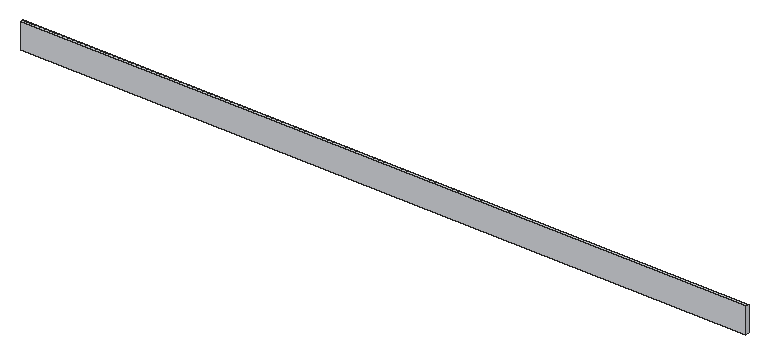
Revit family "направляющие", category Специальное оборудование, Revit 2019
Family settings
  Размер круглого соединителя = Использовать диаметр
  Тип детали = Нормальный
  На основе рабочей плоскости = Да
  Всегда вертикально = Нет
  При загрузке вырезать с полостями = Нет
  Общий = Да
  Точка расчета площади = Нет
Parameters (values of type "Прокат_полоса_40х4")
  Ширина = 4 mm
  Число = 0 mm
  Труба_круг = no
  Труба_квадрат = yes
  Толщина стенки трубы = 1 mm
  Расчет [instance] = ""
  Прокат_круг = no
  Прокат_квадрат = no
  Позиция для ограждения = 0
  Default Elevation = 1219.2 mm
  Масса = 0.00 kg
  Марка ограждения [instance] = ""
  Группа модели = "Элемент ограждения"  # constant formula
  Высота/Диаметр = 40 mm
  Описание = "ОГ"
  Длина [instance] = 1150 mm
  ADSK_Размер_Длина [instance] = Длина  # 1150 mm
  ADSK_Позиция [instance] = ""
  ADSK_Обозначение = "С235 ГОСТ27772-2015"
  ADSK_Номер секции [instance] = ""
  ADSK_Наименование = "Полоса 4х25 ГОСТ 103-2006"
  ADSK_Масса погонного метра = 5  # constant formula
  ADSK_Масса [instance] = ADSK_Масса погонного метра * ADSK_Размер_Длина / 1000 mm  # 5.75
  ADSK_Марка [instance] = ""
Types (6, lengths in mm): name | Ширина | Труба_круг | Труба_квадрат | Толщина стенки трубы | Прокат_круг | Прокат_квадрат | Высота/Диаметр | Описание
  Труба_квадрат_40х100 | 40 | no | yes | 2.5 | no | no | 100 | "ОГ"
  Труба_круг_50х2.5 | 15 | yes | no | 2.5 | no | no | 50 | "ОГ"
  Прокат_круг_20х2,5 | 15 | no | no | 2.5 | yes | no | 20 | "ОГ"
  Прокат_квадрат_20х20 | 20 | no | no | 2.5 | no | yes | 20 | "ОГ"
  Прокат_полоса 25х4 | 4 | no | no | 1 | no | yes | 25 | 0
  Прокат_полоса_40х4 | 4 | no | yes | 1 | no | no | 40 | "ОГ"
Reference planes
  plane 1 "По центру (Вперед/Назад)": y = 0
  plane 2: z = 0
  plane 3 "По центру (Влево/Вправо)": x = 0
  plane 4: x = 1150
  plane 5: z = -40
  plane 6: z = -20
  plane 7: y = -2
  plane 8: y = 2
  plane 9: x = 575
Forms (mm)
  Sweep 1, solid, visible <- "Труба_круг"
    path in 3D
      loop
        line (0, 0, 0) -> (1150, 0, 0)
    profile "круглый профиль_полый : Круглый профиль_полый" origin (575, 0, 0) x (0, 1, 0) y (0, 0, 1)
      loop
        circle (0, -20) r 19
      loop
        circle (0, -20) r 20
  Sweep 2, solid, visible <- "Труба_квадрат"
    path in 3D
      loop
        line (0, 0, 0) -> (1150, 0, 0)
    profile "квадратный профиль_полый : Круглый профиль_полый" origin (575, 0, 0) x (0, 1, 0) y (0, 0, 1)
      loop
        line (-1, -1) -> (-1, -39) -> (1, -39) -> (1, -1) -> (-1, -1)
      loop
        line (-2, 0) -> (-2, -40) -> (2, -40) -> (2, 0) -> (-2, 0)
  Sweep 3, solid, visible <- "Прокат_квадрат"
    path in 3D
      loop
        line (0, 0, 0) -> (1150, 0, 0)
    profile "квадратный профиль : Круглый профиль_полый" origin (575, 0, 0) x (0, 1, 0) y (0, 0, 1)
      loop
        line (-2, 0) -> (-2, -40) -> (2, -40) -> (2, 0) -> (-2, 0)
  Sweep 4, solid, visible <- "Прокат_круг"
    path in 3D
      loop
        line (0, 0, 0) -> (1150, 0, 0)
    profile "круглый профиль : Круглый профиль_полый" origin (575, 0, 0) x (0, 1, 0) y (0, 0, 1)
      loop
        circle (0, -20) r 20
Lines and regions (mm)
  reference lines
    curve 1: line (0, 0, 0) -> (0, 0, -40)
    curve 2: line (0, 3, 0) -> (0, -3, 0)
    curve 3: line (0, 0, 0) -> (1150, 0, 0)
    curve 4: line (0, -2, -20) -> (0, 2, -20)
    curve 5: line (0, 0, -20) -> (1150, 0, -20)
    curve 6: line (0, -2, 0) -> (0, 2, 0)
    curve 7: line (0, -2, -40) -> (0, -2, 0)
    curve 8: line (0, 2, -40) -> (0, -2, -40)
    curve 9: line (0, 2, 0) -> (0, 2, -40)
    curve 10: line (0, 0, -40) -> (1150, 0, -40)
  sketch lines
    curve 11: line (0, 0, 0) -> (1150, 0, 0)
    curve 12: line (0, 0, 0) -> (1150, 0, 0)
    curve 13: line (0, 0, 0) -> (1150, 0, 0)
    curve 14: line (0, 0, 0) -> (1150, 0, 0)
Dimensions and locks
  "Длина": plane 4 to plane 3 "По центру (Влево/Вправо)"
  "Ширина": plane 7 to plane 8
  "Высота/Диаметр": plane 2 to plane 5
  equal spacing: plane 2, plane 6, plane 5
  equal spacing: plane 7, plane 1 "По центру (Вперед/Назад)", plane 8
  equal spacing: plane 3 "По центру (Влево/Вправо)", plane 9, plane 4
  aligned and locked: level to plane 2
  aligned and locked: plane 1 "По центру (Вперед/Назад)" to curve 1
  aligned and locked: curve 2 to plane 2
  aligned and locked: plane 3 "По центру (Влево/Вправо)" to curve 3
  aligned and locked: plane 4 to curve 3
  aligned and locked: plane 1 "По центру (Вперед/Назад)" to curve 3
  aligned and locked: curve 4 to plane 6
  aligned and locked: plane 8 to curve 4
  aligned and locked: plane 7 to curve 4
  aligned and locked: plane 5 to curve 1
  aligned and locked: plane 2 to curve 1
  aligned and locked: plane 2 to curve 3  (x2)
  aligned and locked: plane 3 "По центру (Влево/Вправо)" to curve 5
  aligned and locked: plane 4 to curve 5
  aligned and locked: curve 5 to plane 6
  aligned and locked: plane 7 to curve 7
  aligned and locked: plane 5 to curve 8
  aligned and locked: curve 9 to plane 8
  aligned and locked: curve 6 to plane 2
  aligned and locked: curve 1 to curve 10
  aligned and locked: Sweep 1 to curve 10
  aligned and locked: curve 10 to plane 5
  aligned and locked: plane 1 "По центру (Вперед/Назад)" to curve 5  (x3)
  aligned and locked: plane 6 to curve 5  (x2)
  aligned and locked: plane 3 "По центру (Влево/Вправо)" to Sweep 2
  aligned and locked: Sweep 2 to plane 4
  aligned and locked: plane 3 "По центру (Влево/Вправо)" to curve 6
  aligned and locked: plane 4 to Sweep 2  (x2)
  aligned and locked: plane 3 "По центру (Влево/Вправо)" to Sweep 1
  aligned and locked: Sweep 1 to plane 4
  aligned and locked: Sweep 4 to plane 4
  aligned and locked: plane 3 "По центру (Влево/Вправо)" to Sweep 4
  aligned and locked: plane 3 "По центру (Влево/Вправо)" to Sweep 3
  aligned and locked: Sweep 3 to plane 4
Automatic sketch dimensions
  plane 7 to curve 2 = 5 mm
  curve 2 to plane 8 = 5 mm
  plane 4 to curve 10 = 0 mm
